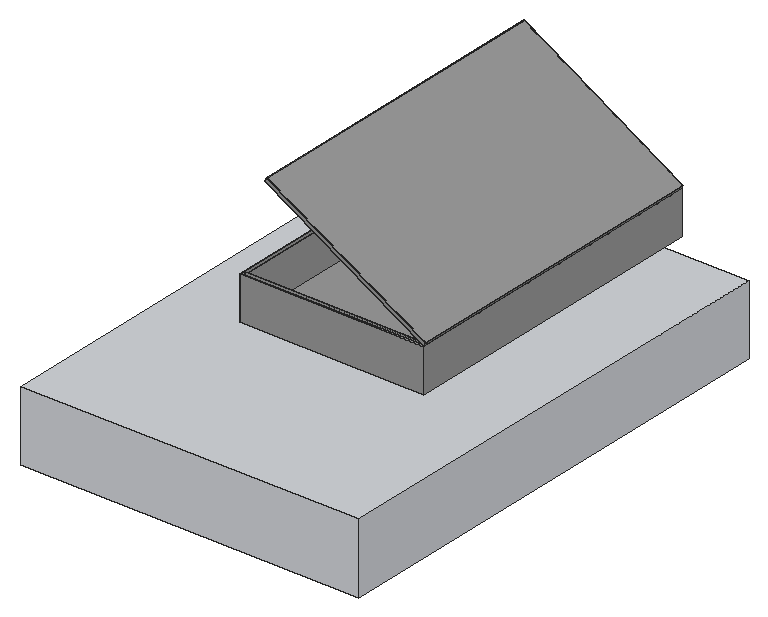
Revit family "Hager-Univers-IP44-D205-H1400-Cl.II-Encl-FR-fr", category Equipement électrique, Revit 2020
Family settings
  Hôte = Face
  Configuration du panneau = Deux colonnes, circuits au sein
  Cote de connecteur circulaire = Utiliser le diamètre
  Type d'élément = Tableau de raccordement
  Couper avec des vides une fois chargée = Non
  Partagée = Non
  Point de calcul de pièce = Non
Parameters (values of type "saillie IP44 L800 H1400 P205  - FP93QS")
  Width Control [instance] = if([EF000008 - largeur] > Min Width, [EF000008 - largeur], Min Width)  # 800 mm
  Commentaires du type = [HG000003 - Gamme]  # "Univers"
  Thickness Door [instance] = if([EF009171 - épaisseur de matériau de la porte/du couvercle] > 3 mm, 3 mm, [EF009171 - épaisseur de matériau de la porte/du couvercle])  # 1 mm
  Seal Frame Offset [instance] = 17 mm  # constant formula
  Plinth Visibility [instance] = [HG000027 - Hauteur du socle] > 0 mm  # no
  Model = ""
  Min Width [instance] = 100 mm  # constant formula
  Min Height [instance] = 100 mm  # constant formula
  Min Depth [instance] = (2 * [EF009170 - épaisseur de matériau du boîtier]) + 1 mm  # 3 mm
  Internal Frame Depth [instance] = (Door System Depth * 0.5)  # 9 mm
  Height Control [instance] = if([EF000040 - hauteur] > Min Height, [EF000040 - hauteur], Min Height)  # 1400 mm
  HG000027 - Hauteur du socle = 0 mm
  HG000026 - Installation au sol = no
  HG000024 - Hauteur de la section basse = 800 mm
  HG000023 - Armoire double section = no
  HG000016 - Visibilité de la porte 3D [instance] = yes
  HG000015 - Visibilité de l'emprise de la porte [instance] = no
  HG000014 - Porte à droite [instance] = yes
  HG000013 - Porte à gauche [instance] = not([HG000014 - Porte à droite])  # no
  HG000012 - Angle de pivotement de la porte [instance] = 30.00°
  HG000010 - Portes asymétriques = no
  HG000009 - Porte à double battant = no
  HG000006 - Encastré = no
  HG000004 - Référence fabricant = "FP93QS"
  HG000003 - Gamme = "Univers"
  HG000002 - avec porte = yes
  Frame Offset Bottom [instance] = 10 mm  # constant formula
  Frame Offset [instance] = 15 mm  # constant formula
  EF015940 - couvercle avec décharge de pression = no
  EF011959 - degré de protection (NEMA) = ""
  EF009554 - nombre d'ouvertures pour plaques à bride = 6
  Fabricant = "Hager"  # constant formula
  EF009212 - finition du couvercle = "EV000116 - fermé"
  EF009171 - épaisseur de matériau de la porte/du couvercle = 1 mm
  EF009170 - épaisseur de matériau du boîtier = 1 mm
  EF008873 - courant nominal (In) = 250 A
  EF007800 - adapté à un parafoudre = no
  EF006306 - avec serrure = no
  EF006244 - couvercle/porte transparent(e) = no
  EF005474 - indice de protection (IP) = "EV006418 - IP44"
  EF004464 - type de porte = "EV002646 - unique"
  EF004427 - nombre de modules = 324
  EF004293 - indice de protection contre les chocs (IK) = "EV006815 - IK09"
  EF003532 - convient pour utilisation à l’extérieur = no
  EF002950 - largeur en nombre de modules = 36
  EF001613 - maintien de fonction = "EV000494 - sans"
  EF001596 - matériau du boîtier/corps = "EV000179 - acier"
  EF001131 - profondeur intérieure = 143 mm
  EF001088 - possibilité de montage en saillie = yes
  EF000437 - nombre d'entrées de conduit = 6
  EF000339 - type de capot = "EV001012 - couvercle"
  EF000266 - nombre de rangées = 9
  EF000218 - profondeur d'encastrement = 0 mm
  EF000118 - avec cadre/support de montage = no
  EF000116 - numéro RAL = "9010"
  EF000049 - profondeur = 205 mm
  EF000040 - hauteur = 1400 mm
  EF000008 - largeur = 800 mm
  EF000007 - couleur = "EV000202 - blanc"
  EF000003 - mode de pose = "EV000384 - saillie"
  Door System Leaf Tolerance [instance] = 1.5 mm  # constant formula
  Door System Depth [instance] = 18 mm  # constant formula
  Door Height [instance] = Height Control - [HG000027 - Hauteur du socle]  # 1400 mm
  Depth Control [instance] = if([EF000049 - profondeur] > Min Depth, [EF000049 - profondeur], Min Depth)  # 205 mm
  Default Elevation = 0 mm
  Connector Offset [instance] = Height Control / 2  # 700 mm
  Bottom Top Plate Trim [instance] = 1.5 mm  # constant formula
  Plinth height Ctrl [instance] = if([HG000027 - Hauteur du socle] > 0 mm, [HG000027 - Hauteur du socle], 12 mm)  # 12 mm
Types (3, lengths in mm): name | Width Control | HG000009 - Porte à double battant | HG000004 - Référence fabricant | EF009554 - nombre d'ouvertures pour plaques à bride | EF004464 - type de porte | EF004427 - nombre de modules | EF002950 - largeur en nombre de modules | EF000437 - nombre d'entrées de conduit | EF000008 - largeur
  saillie IP44 L1050 H1400 P205  - FP94QS | 1050 | yes | "FP94QS" | 8 | "EV003602 - double" | 432 | 48 | 8 | 1050
  saillie IP44 L550 H1400 P205  - FP92QS | 550 | no | "FP92QS" | 4 | "EV002646 - unique" | 216 | 24 | 4 | 550
  saillie IP44 L800 H1400 P205  - FP93QS | 800 | no | "FP93QS" | 6 | "EV002646 - unique" | 324 | 36 | 6 | 800
Reference planes
  plane 1 "Center (Front/Back)": y = 0
  plane 2: z = 0
  plane 3 "Center (Left/Right)": x = 0
  plane 4: z = 205
  plane 5: y = 1
  plane 6: y = 700
  plane 7: y = 0
  plane 8: y = 1400
  plane 9: z = 0
  plane 10: x = -385
  plane 11: x = 385
  plane 12: x = 384
  plane 13: x = -384
  plane 14: y = 1399
  plane 15: x = -383
  plane 16: x = -400
  plane 17: x = 383
  plane 18: x = 400
  plane 19: x = 399
  plane 20: x = -399
  plane 21: y = 11
  plane 22: y = 1400
  plane 23: y = 1384
  plane 24: z = 187
  plane 25: z = 1
  plane 26: z = 186
  plane 27: z = 204
Forms (mm)
  Extrusion 1, solid
    sketch origin (0, 0, 0) x (1, 0, 0) y (0, 1, 0)
      loop
        line (-702.964, 1305) -> (-702.964, -811.445) -> (766.763, -811.445) -> (766.763, 1305) -> (-702.964, 1305)
    from 0 to -304.8
  Extrusion 2, solid, material "Hager_Steel_RAL7035_Light_Grey", visible <- "Plinth Visibility", detail levels medium+fine
    sketch origin (0, 0, 0) x (1, 0, 0) y (0, 1, 0)
      loop
        line (-400, 0) -> (400, 0) -> (400, 12) -> (-400, 12) -> (-400, 0)
    from 0 to 187
  Extrusion 3, solid, material "Hager_Steel_RAL7035_Light_Grey", detail levels medium+fine
    sketch origin (0, 0, 0) x (1, 0, 0) y (0, 1, 0)
      loop
        line (-400, 0) -> (400, 0) -> (400, 1400) -> (-400, 1400) -> (-400, 0)
    from 0 to 187
  Extrusion 4, void
    sketch origin (0, 0, 0) x (1, 0, 0) y (0, 1, 0)
      loop
        line (-399, 1) -> (399, 1) -> (399, 1399) -> (-399, 1399) -> (-399, 1)
    from 1 to 186
  Extrusion 5, void
    sketch origin (-381.607, -4572, 187) x (0, -1, 0) y (-1, 0, 0)
      loop
        line (-4583, 2.393) -> (-5956, 2.393) -> (-5956, -765.607) -> (-4583, -765.607) -> (-4583, 2.393)
    from 0 to 1 <- "EF009170 - épaisseur de matériau du boîtier"
  Extrusion 6, solid, material "Hager_Steel_RAL7035_Light_Grey", detail levels fine
    sketch origin (0, 0, 187) x (1, 0, 0) y (0, 1, 0)
      loop
        line (-384, 1384) -> (-384, 11) -> (384, 11) -> (384, 1384) -> (-384, 1384)
      loop
        line (-385, 10) -> (385, 10) -> (385, 1385) -> (-385, 1385) -> (-385, 10)
    from 0 to 9 <- "Internal Frame Depth"
  Extrusion 7, solid, material "Hager_Steel_RAL7035_Light_Grey", detail levels coarse
    sketch origin (0, 0, 0) x (1, 0, 0) y (0, 1, 0)
      loop
        line (-400, 0) -> (400, 0) -> (400, 1400) -> (-400, 1400) -> (-400, 0)
    from 0 to 205
  Sweep 8, void
    path in 3D
      loop
        line (-400, 12, 0) -> (400, 12, 0) -> (400, 12, 187) -> (-400, 12, 187) -> (-400, 12, 0)
    profile origin (-400, 12, 93.5) x (-1, 0, 0) y (0, -1, 0)
      loop
        line (0, 0) -> (0, 1.5) -> (-1.5, 1.5)
        arc (-1.5, 1.5) -> (-1.061, 0.439) -> (0, 0) r 1.5
Cuts and joins
  Extrusion 4, Extrusion 5 cuts Extrusion 3
  Sweep 8 cuts Extrusion 2
Lines and regions (mm)
  Masking region 1
    outline origin (0, 0, 0) x (1, 0, 0) y (0, 0, 1)
      loop
        line (-400, 205) -> (-400, 0) -> (400, 0) -> (400, 205) -> (-400, 205)
  Masking region 2, detail levels medium+fine
    outline origin (0, 140, 0) x (0, 1, 0) y (0, 0, 1)
      loop
        line (-140, 0) -> (1260, 0) -> (1260, 187) -> (-140, 187) -> (-140, 0)
  Masking region 3, not visible, detail levels medium+fine
    outline origin (0, 297.922, 0) x (0, 1, 0) y (0, 0, 1)
      loop
        line (413.578, 0) -> (453.578, 0) -> (453.578, 194)
        arc (453.578, 194) -> (450.649, 201.071) -> (443.578, 204) r 10
        line (443.578, 204) -> (413.578, 204) -> (413.578, 0)
  Masking region 4, detail levels coarse
    outline origin (0, 0, 180) x (0, 1, 0) y (0, 0, 1)
      loop
        line (0, -180) -> (1400, -180) -> (1400, 25) -> (0, 25) -> (0, -180)
  Masking region 5, visible <- "Plinth Visibility", detail levels medium+fine
    outline origin (0, 52.24, 12.345) x (0, 0, -1) y (0, 1, 0)
      loop
        line (10.845, -40.24) -> (-173.155, -40.24)
        arc (-173.155, -40.24) -> (-173.594, -41.301) -> (-174.655, -41.74) r 1.5
        line (-174.655, -41.74) -> (-174.655, -52.24) -> (12.345, -52.24) -> (12.345, -41.74)
        arc (12.345, -41.74) -> (11.285, -41.301) -> (10.845, -40.24) r 1.5
  Masking region 6, detail levels medium+fine
    outline origin (-381.607, -4572, 187) x (-1, 0, 0) y (0, -1, 0)
      loop
        line (18.393, -5972) -> (18.393, -4572) -> (-781.607, -4572) -> (-781.607, -5972) -> (18.393, -5972)
  Masking region 7, visible <- "Plinth Visibility", detail levels medium+fine
    outline origin (-381.607, -4727, 187) x (-1, 0, 0) y (0, -1, 0)
      loop
        arc (16.893, -4739) -> (17.332, -4737.939) -> (18.393, -4737.5) r 1.5
        line (18.393, -4737.5) -> (18.393, -4727) -> (-781.607, -4727) -> (-781.607, -4737.5)
        arc (-781.607, -4737.5) -> (-780.546, -4737.939) -> (-780.107, -4739) r 1.5
        line (-780.107, -4739) -> (16.893, -4739)
  Masking region 8, detail levels coarse
    outline origin (-442.548, -4669.526, 187) x (-1, 0, 0) y (0, -1, 0)
      loop
        line (-42.548, -6069.526) -> (-42.548, -4669.526) -> (-842.548, -4669.526) -> (-842.548, -6069.526) -> (-42.548, -6069.526)
  sketch lines
    curve 1: line (-400, 12, 187) -> (-400, 12, 0)
    curve 2: line (400, 12, 187) -> (-400, 12, 187)
    curve 3: line (400, 12, 187) -> (400, 12, 0)
    curve 4: line (-400, 12, 0) -> (400, 12, 0)
Dimensions and locks
  "Depth Control": plane 4 to Extrusion 1
  "HG000027 - Hauteur du socle": plane 1 "Center (Front/Back)" to plane 7
  "EF009170 - épaisseur de matériau du boîtier": plane 5 to plane 7
  locked: connector elem to plane 3 "Center (Left/Right)"
  equal spacing: plane 8, plane 6, plane 7
  locked: connector elem to plane 6
  "EF009170 - épaisseur de matériau du boîtier": plane 8 to plane 14
  "EF009170 - épaisseur de matériau du boîtier": plane 10 to plane 13
  "EF009170 - épaisseur de matériau du boîtier": plane 12 to plane 11
  "Frame Offset": plane 20 to plane 13
  "Frame Offset": plane 12 to plane 19
  "EF009170 - épaisseur de matériau du boîtier": plane 16 to plane 20
  "EF009170 - épaisseur de matériau du boîtier": plane 19 to plane 18
  "Seal Frame Offset": plane 16 to plane 15
  "Seal Frame Offset": plane 17 to plane 18
  "Frame Offset Bottom": plane 21 to plane 5
  "Frame Offset": plane 14 to plane 23
  equal spacing: plane 16, plane 3 "Center (Left/Right)", plane 18
  "Width Control": plane 16 to plane 18
  "EF009170 - épaisseur de matériau du boîtier": plane 4 to plane 27
  "EF009170 - épaisseur de matériau du boîtier": plane 24 to plane 26
  "EF009170 - épaisseur de matériau du boîtier": plane 25 to level
  "Door System Depth": plane 4 to plane 24
  "Height Control": plane 1 "Center (Front/Back)" to Extrusion 7 sketch curve
  "Height Control": Masking region 4 sketch curve to plane 1 "Center (Front/Back)"
  "Height Control": plane 1 "Center (Front/Back)" to plane 22
  "Bottom Top Plate Trim": profile plane to Sweep 8 sketch curve
  "Bottom Top Plate Trim": Sweep 8 sketch curve to profile plane
  "Plinth height Ctrl": plane 1 "Center (Front/Back)" to Extrusion 2 sketch curve
  "Plinth height Ctrl": Masking region 5 sketch curve to plane 1 "Center (Front/Back)"
  "Plinth height Ctrl": plane 1 "Center (Front/Back)" to Masking region 7 sketch curve
  "Thickness Door": Extrusion 6 sketch curve to Extrusion 6 sketch curve  (x3)
  "Thickness Door": cut or joined group of Extrusion 3, Extrusion 4, Extrusion 5 to Extrusion 6 sketch curve
  radius of Masking region 3 sketch curve = 10 mm
  "Bottom Top Plate Trim": radius of Masking region 5 sketch curve  (x2)
  "Bottom Top Plate Trim": radius of Sweep 8 sketch curve
  "Bottom Top Plate Trim": radius of Masking region 7 sketch curve  (x2)
  aligned and locked: plane 2 to Extrusion 1
  aligned and locked: level to Extrusion 1
  aligned and locked: level to Masking region 1 sketch curve
  aligned and locked: Masking region 1 sketch curve to plane 18
  aligned and locked: Masking region 1 sketch curve to plane 16
  aligned and locked: plane 7 to Masking region 2 sketch curve
  aligned and locked: level to Masking region 3 sketch curve
  aligned and locked: Masking region 3 sketch curve to plane 27
  aligned and locked: level to Masking region 2 sketch curve
  aligned and locked: plane 1 "Center (Front/Back)" to Extrusion 2 sketch curve
  aligned and locked: Extrusion 3 sketch curve to plane 7
  aligned and locked: plane 16 to Extrusion 3 sketch curve
  aligned and locked: plane 18 to Extrusion 3 sketch curve
  aligned and locked: plane 20 to Extrusion 4 sketch curve
  aligned and locked: plane 19 to Extrusion 4 sketch curve
  aligned and locked: Extrusion 4 sketch curve to plane 5
  aligned and locked: Extrusion 4 to plane 25
  aligned and locked: plane 26 to Extrusion 4
  aligned and locked: plane 24 to Extrusion 3
  aligned and locked: Extrusion 5 sketch curve to plane 21
  aligned and locked: Extrusion 5 sketch curve to plane 13
  aligned and locked: Extrusion 5 sketch curve to plane 12
  aligned and locked: plane 18 to Extrusion 7 sketch curve
  aligned and locked: plane 1 "Center (Front/Back)" to Extrusion 7 sketch curve
  aligned and locked: plane 16 to Extrusion 7 sketch curve
  aligned and locked: plane 4 to Extrusion 7
  aligned and locked: Extrusion 7 to level
  aligned and locked: level to Masking region 4 sketch curve
  aligned and locked: Masking region 4 sketch curve to plane 1 "Center (Front/Back)"
  aligned and locked: Masking region 4 sketch curve to plane 4
  aligned and locked: nested 1 to level
  aligned and locked: nested 1 to plane 16
  aligned and locked: plane 8 to Extrusion 3 sketch curve
  aligned and locked: plane 23 to Extrusion 5 sketch curve
  aligned and locked: plane 14 to Extrusion 4 sketch curve
  aligned and locked: Masking region 2 sketch curve to plane 8
  aligned and locked: level to Masking region 5 sketch curve
  aligned and locked: plane 16 to Extrusion 2 sketch curve
  aligned and locked: plane 18 to Extrusion 2 sketch curve
  aligned and locked: Masking region 5 sketch curve to plane 24
  aligned and locked: Masking region 2 sketch curve to plane 24
  aligned and locked: plane 24 to Extrusion 2
  aligned and locked: profile plane to Sweep 8 sketch curve  (x2)
  aligned and locked: Masking region 6 sketch curve to plane 18
  aligned and locked: Masking region 6 sketch curve to plane 22
  aligned and locked: Masking region 6 sketch curve to plane 16
  aligned and locked: plane 8 to plane 22
  aligned and locked: Masking region 6 sketch curve to plane 7
  aligned and locked: Masking region 7 sketch curve to plane 16
  aligned and locked: Masking region 7 sketch curve to plane 1 "Center (Front/Back)"
  aligned and locked: Masking region 7 sketch curve to plane 18
  aligned and locked: Masking region 8 sketch curve to plane 1 "Center (Front/Back)"
  aligned and locked: Masking region 8 sketch curve to plane 18
  aligned and locked: Masking region 8 sketch curve to plane 22
  aligned and locked: Masking region 8 sketch curve to plane 16
  aligned and locked: nested 2 to plane 7
  aligned and locked: plane 3 "Center (Left/Right)" to nested 2
  aligned and locked: nested 2 to plane 24
  aligned and locked: Extrusion 6 sketch curve to cut or joined group of Extrusion 3, Extrusion 4, Extrusion 5  (x4)
Automatic sketch dimensions
  Extrusion 1 sketch curve to Extrusion 1 sketch curve = 1469.727 mm
  Extrusion 1 sketch curve to Extrusion 1 sketch curve = 2116.445 mm
  Masking region 1 sketch curve to plane 4 = 0 mm
  plane 6 to Masking region 3 sketch curve = 11.5 mm
  Masking region 3 sketch curve to Masking region 3 sketch curve = 30 mm
  Masking region 5 sketch curve to plane 1 "Center (Front/Back)" = 0 mm
Nested families
  nested 1: "Hager_Enclosure_Symbol" at (-400, 0, 0) x (1, 0, 0) z (0, -1, 0), Height <- "Depth Control", Width <- "Width Control", type "Hager_Enclosure_Symbol"
    with Width_Ctrl 800 mm, Width 800 mm, Height_Ctrl 205 mm, Height 205 mm, A_Width_Int 13.453 mm, A_Width 161.438 mm, A_Height_Ctrl 179.375 mm, A_Height 179.375 mm
  nested 2: "EC000058_Univers_Door" at (0, 0, 187) x (1, 0, 0) z (0, 1, 0), Leaf_Tolerance <- "Door System Leaf Tolerance", Angle <- "HG000012 - Angle de pivotement de la porte", Door_Depth <- "Door System Depth", Door_Left <- "HG000013 - Porte à gauche", Transparent <- "EF006244 - couvercle/porte transparent(e)", Assymetrical <- "HG000010 - Portes asymétriques", Width <- "Width Control", Clearance <- "HG000015 - Visibilité de l'emprise de la porte", Double <- "HG000009 - Porte à double battant", 3d_Door <- "HG000016 - Visibilité de la porte 3D", Lock_Visibility <- "EF006306 - avec serrure", Width_Ctrl <- "Width Control", Door_Right <- "HG000014 - Porte à droite", Door <- "HG000002 - avec porte", Height <- "Door Height", Thickness <- "Thickness Door", type "EC000058_Univers_Door", detail levels medium+fine
    with min_wh 3 mm, Width_Ctrl 800 mm, Width 800 mm, Transparent no, Thickness 1 mm, Seal_Material Hager_Rubber, Lock_Visibility no, Lock_Material Hager_Plastic_RAL9005_Jet_Black, Leaf_Width 800 mm, Leaf_Tolerance_External_Sides 0 mm, Leaf_Tolerance 1.5 mm, Leaf_Offset 0 mm, Leaf_Height 1397 mm, Leaf_2_Width 800 mm, Leaf_2_Offset 400 mm, Leaf_1_Width 800 mm, Leaf_1_Offset 400 mm, Height_Ctrl 1400 mm, Height 1400 mm, Glass_Material Hager_Glass, Double_Clearance_Ctrl no, Double no, Door_Right_Ctrl yes, Door_Right yes, Door_Material Hager_Steel_RAL7035_Light_Grey, Door_Left_Ctrl no, Door_Left no, Door_Depth 18 mm, Door yes, Clearance_Material Hager_Clearance, Clearance_Depth 800 mm, Clearance_Ctrl no, Clearance no, Assymetrical no, Angle 30.00°, 3d_Door yes
Connectors
  electrical at (0, 700, 0)
    settings: on plane 9, index 1, voltage 0 V, apparent load 0 VA, apparent load phase1 0 VA, apparent load phase2 0 VA, apparent load phase3 0 VA, power factor 1, load classification "Other", number of poles 1, system type 30, power factor state 1, is connector primary yes, connector utility no, sub classification motor no, connector description ""
Definition of nested family "EC000058_Univers_Door"
  Parameters (values of type "EC000058_Univers_Door")
    min_wh [instance] = (2 * Thickness) + 1 mm  # 11 mm
    Width_Ctrl [instance] = 400 mm
    Width [instance] = 500 mm
    Transparent [instance] = yes
    Thickness [instance] = 5 mm
    Seal_Material [instance] = none
    Lock_Visibility [instance] = yes
    Lock_Material [instance] = none
    Leaf_Width [instance] = if((Width_Ctrl - 2 * Leaf_Tolerance_External_Sides) > 0 mm, (Width_Ctrl - 2 * Leaf_Tolerance_External_Sides), min_wh)  # 400 mm
    Leaf_Tolerance_External_Sides [instance] = 0 mm  # constant formula
    Leaf_Tolerance [instance] = 1.5 mm
    Leaf_Offset [instance] = 0 mm  # constant formula
    Leaf_Height [instance] = if((Height_Ctrl - 2 * Leaf_Tolerance) > 0 mm, (Height_Ctrl - 2 * Leaf_Tolerance), min_wh)  # 497 mm
    Leaf_2_Width [instance] = if(and(and(Double, Assymetrical), Door_Left), (Leaf_Width / 3) - (Leaf_Tolerance / 2), if(and(and(Double, Assymetrical), Door_Right), (Leaf_Width / 3) * 2 - (Leaf_Tolerance / 2), if(and(Double, not(Assymetrical)), (Leaf_Width / 2) - Leaf_Tolerance, Leaf_Width)))  # 400 mm
    Leaf_2_Offset [instance] = if(and(Double, Assymetrical), Leaf_2_Width / 2, if(and(Double, not(Assymetrical)), Leaf_Width / 4, Leaf_Width / 2))  # 200 mm
    Leaf_1_Width [instance] = if(and(and(Double, Assymetrical), Door_Right), (Leaf_Width / 3) - (Leaf_Tolerance / 2), if(and(and(Double, Assymetrical), Door_Left), (Width / 3) * 2 - (Leaf_Tolerance / 2), if(and(Double, not(Assymetrical)), (Leaf_Width / 2) - Leaf_Tolerance, Leaf_Width)))  # 400 mm
    Leaf_1_Offset [instance] = if(and(Double, Assymetrical), Leaf_1_Width / 2, if(and(Double, not(Assymetrical)), Leaf_Width / 4, Leaf_Width / 2))  # 200 mm
    Height_Ctrl [instance] = if(Height > min_wh, Height, min_wh)  # 500 mm
    Height [instance] = 500 mm
    Glass_Material [instance] = none
    Double_Clearance_Ctrl [instance] = and(Double, Clearance)  # no
    Double [instance] = no
    Door_Right_Ctrl [instance] = and(or(Door_Right, Double), Door)  # yes
    Door_Right [instance] = yes
    Door_Material [instance] = none
    Door_Left_Ctrl [instance] = and(or(Door_Left, Double), Door)  # no
    Door_Left [instance] = no
    Door_Depth [instance] = 30 mm
    Door [instance] = yes
    Default Elevation = 1219.2 mm
    Clearance_Material [instance] = none
    Clearance_Depth [instance] = if(Leaf_1_Width > Leaf_2_Width, Leaf_1_Width, Leaf_2_Width)  # 400 mm
    Clearance_Ctrl [instance] = and(not(Double), Clearance)  # yes
    Clearance [instance] = yes
    Assymetrical [instance] = yes
    Angle [instance] = 30.00°
    3d_Door [instance] = yes
  Reference planes
    plane 1 "Center (Front/Back)": y = 0
    plane 2 "Bottom": z = 0
    plane 3 "Center (Left/Right)": x = 0
    plane 4: z = 500
    plane 5: x = -200
    plane 6: x = 200
    plane 7: z = 500
    plane 8: x = -200
    plane 9: z = 0
    plane 10: x = 200
    plane 11: y = 0
    plane 12: z = 1.5
    plane 13: x = -600
    plane 14: y = -400
    plane 15: x = 600
    plane 16: x = 0
    plane 17: x = 0
    plane 18: x = -200
    plane 19: x = 200
    plane 20: z = 498.5
  Forms (mm)
    Extrusion 1, solid, material <- "Clearance_Material", visible <- "Double_Clearance_Ctrl"
      sketch origin (1200, 0, 0) x (1, 0, 0) y (0, 0, -1)
        loop
          line (-1800, -498.5) -> (-600, -498.5) -> (-600, 0) -> (-1800, 0) -> (-1800, -498.5)
      from 0 to -400
  Dimensions and locks
    equal spacing: plane 5, plane 3 "Center (Left/Right)", plane 6
    "Width_Ctrl": plane 5 to plane 6
    "Leaf_Offset": plane 5 to plane 8
    "Leaf_Offset": plane 6 to plane 10
    "Leaf_Offset": plane 9 to level
    "Leaf_Offset": plane 4 to plane 7
    "Height_Ctrl": plane 4 to level
    "Leaf_Tolerance": plane 12 to plane 9
    locked: plane 11 to plane 1 "Center (Front/Back)"
    "Leaf_1_Offset": plane 18 to plane 16
    "Leaf_2_Offset": plane 17 to plane 19
    "Leaf_1_Width": plane 13 to plane 8
    "Leaf_2_Width": plane 10 to plane 15
    "Clearance_Depth": plane 14 to plane 1 "Center (Front/Back)"
    "Leaf_Tolerance_External_Sides": plane 8 to plane 18
    "Leaf_Tolerance_External_Sides": plane 19 to plane 10
    "Leaf_Tolerance": plane 7 to plane 20
    aligned and locked: level to plane 2 "Bottom"
    aligned and locked: nested 1 to plane 16
    aligned and locked: nested 2 to plane 17
    aligned and locked: Extrusion 1 to plane 13
    aligned and locked: plane 15 to Extrusion 1
    aligned and locked: Extrusion 1 to plane 14
    aligned and locked: plane 12 to nested 1
    aligned and locked: nested 2 to plane 12
    aligned and locked: Extrusion 1 to plane 11
    aligned and locked: plane 20 to Extrusion 1
    aligned and locked: nested 2 to plane 11
    aligned and locked: nested 1 to plane 11
  Automatic sketch dimensions
    Extrusion 1 sketch curve to level = 0 mm
    plane 5 to Extrusion 1 sketch curve = 400 mm
    plane 6 to Extrusion 1 sketch curve = 400 mm
    Extrusion 1 sketch curve to plane 4 = 1.5 mm
  Nested families
    nested 1: "EC000058_Univers_Door_Leaf" at (0, 0, 1.5), Width <- "Leaf_1_Width", visible <- "Door_Left_Ctrl", Leaf_Height <- "Leaf_Height", Angle <- "Angle", 3d_Door <- "3d_Door", Transparent <- "Transparent", Clearance Material <- "Clearance_Material", Clearance <- "Clearance_Ctrl", Door_Material <- "Door_Material", Glass_Material <- "Glass_Material", Door_Depth <- "Door_Depth", Lock_Material <- "Lock_Material", Seal_Material <- "Seal_Material", Lock_Visibility <- "Lock_Visibility", Thickness <- "Thickness", type "EC000058_Univers_Door_Leaf"
      with Width 400 mm, Transparent_Glass_Offset 30 mm, Transparent_Ctrl yes, Transparent yes, Thickness 5 mm, Standard no, Seal_Material none, Seal_D2 8 mm, Seal_D1 1 mm, Offset_Internal_Frame 10 mm, Lock_Width 20 mm, Lock_Visibility_3d yes, Lock_Visibility yes, Lock_Thickness_3 3 mm, Lock_Thickness_2 1 mm, Lock_Thickness_1 3 mm, Lock_Radius_Offset_2 16 mm, Lock_Radius_Offset_1 15 mm, Lock_Radius_2 5 mm, Lock_Radius 6 mm, Lock_Offset 5 mm, Lock_Material none, Lock_Height 80 mm, Lock_Cover_Top_Offset_2d 17 mm, Lock_Cover_Height -65 mm, Leaf_Height 497 mm, Internal_Seal_Thickness 8 mm, Internal_Seal_Depth_2 4.5 mm, Internal_Frame_Depth 25 mm, Glass_Thickness -1 mm, Glass_Offset -2 mm, Glass_Material none, Door_Material none, Door_Depth 30 mm, Clearance Material none, Clearance yes, Angle_Ctrl 30.00°, Angle 30.00°, 3d_Door yes
    nested 2: "EC000058_Univers_Door_Leaf" at (0, 0, 1.5) x (-1, 0, 0) z (0, 0, 1), Width <- "Leaf_2_Width", visible <- "Door_Right_Ctrl", Leaf_Height <- "Leaf_Height", Angle <- "Angle", 3d_Door <- "3d_Door", Transparent <- "Transparent", Clearance Material <- "Clearance_Material", Clearance <- "Clearance_Ctrl", Door_Material <- "Door_Material", Glass_Material <- "Glass_Material", Door_Depth <- "Door_Depth", Lock_Material <- "Lock_Material", Seal_Material <- "Seal_Material", Lock_Visibility <- "Lock_Visibility", Thickness <- "Thickness", type "EC000058_Univers_Door_Leaf"
      with Width 400 mm, Transparent_Glass_Offset 30 mm, Transparent_Ctrl yes, Transparent yes, Thickness 5 mm, Standard no, Seal_Material none, Seal_D2 8 mm, Seal_D1 1 mm, Offset_Internal_Frame 10 mm, Lock_Width 20 mm, Lock_Visibility_3d yes, Lock_Visibility yes, Lock_Thickness_3 3 mm, Lock_Thickness_2 1 mm, Lock_Thickness_1 3 mm, Lock_Radius_Offset_2 16 mm, Lock_Radius_Offset_1 15 mm, Lock_Radius_2 5 mm, Lock_Radius 6 mm, Lock_Offset 5 mm, Lock_Material none, Lock_Height 80 mm, Lock_Cover_Top_Offset_2d 17 mm, Lock_Cover_Height -65 mm, Leaf_Height 497 mm, Internal_Seal_Thickness 8 mm, Internal_Seal_Depth_2 4.5 mm, Internal_Frame_Depth 25 mm, Glass_Thickness -1 mm, Glass_Offset -2 mm, Glass_Material none, Door_Material none, Door_Depth 30 mm, Clearance Material none, Clearance yes, Angle_Ctrl 30.00°, Angle 30.00°, 3d_Door yes
  Definition of nested family "EC000058_Univers_Door_Leaf"
    Parameters (values of type "EC000058_Univers_Door_Leaf")
      Width [instance] = 2000 mm
      Transparent_Glass_Offset [instance] = 30 mm
      Transparent_Ctrl [instance] = and(Transparent, [3d_Door])  # yes
      Transparent [instance] = yes
      Thickness [instance] = 5 mm
      Standard [instance] = and(not(Transparent), [3d_Door])  # no
      Seal_Material [instance] = none
      Seal_D2 [instance] = 8 mm  # constant formula
      Seal_D1 [instance] = 1 mm  # constant formula
      Offset_Internal_Frame [instance] = 10 mm  # constant formula
      Lock_Width [instance] = 20 mm  # constant formula
      Lock_Visibility_3d [instance] = and(Lock_Visibility, [3d_Door])  # yes
      Lock_Visibility [instance] = yes
      Lock_Thickness_3 [instance] = 3 mm  # constant formula
      Lock_Thickness_2 [instance] = 1 mm  # constant formula
      Lock_Thickness_1 [instance] = 3 mm  # constant formula
      Lock_Radius_Offset_2 [instance] = Lock_Radius_Offset_1 + 1 mm  # 16 mm
      Lock_Radius_Offset_1 [instance] = 15 mm  # constant formula
      Lock_Radius_2 [instance] = Lock_Radius - 1 mm  # 5 mm
      Lock_Radius [instance] = 6 mm  # constant formula
      Lock_Offset [instance] = 5 mm  # constant formula
      Lock_Material [instance] = none
      Lock_Height [instance] = 80 mm  # constant formula
      Lock_Cover_Top_Offset_2d [instance] = Lock_Radius_Offset_2 + 1 mm  # 17 mm
      Lock_Cover_Height [instance] = -(Lock_Height - Lock_Radius_Offset_1)  # -65 mm
      Leaf_Height [instance] = 2720.336 mm
      Internal_Seal_Thickness [instance] = 8 mm  # constant formula
      Internal_Seal_Depth_2 [instance] = 4.5 mm  # constant formula
      Internal_Frame_Depth [instance] = if(Door_Depth - Thickness > 5 mm, Door_Depth - Thickness, 5 mm)  # 25 mm
      Glass_Thickness [instance] = if(Thickness > 15 mm, Glass_Offset + 10 mm, -1 mm)  # -1 mm
      Glass_Offset [instance] = if(Thickness > 15 mm, -(Thickness + 10 mm) / 2, -2 mm)  # -2 mm
      Glass_Material [instance] = none
      Door_Material [instance] = none
      Door_Depth [instance] = 30 mm
      Default Elevation = 0 mm
      Clearance Material [instance] = none
      Clearance [instance] = yes
      Angle_Ctrl [instance] = if(Angle > 180.00°, 180.00°, Angle)  # 90.00°
      Angle [instance] = 90.00°
      3d_Door [instance] = yes
    Reference planes
      plane 1 "Center (Front/Back)": y = 0
      plane 2: z = 0
      plane 3 "Center (Left/Right)": x = 0
      plane 4: y = 2000
      plane 5: x = -1000
      plane 6: x = 1000
      plane 7: x = -3000
      plane 8: z = 2720.336
      plane 9: z = 30
      plane 10: z = 2690.336
      plane 11: x = 970
      plane 12: x = -970
      plane 13: y = -3
      plane 14: z = 107.833
      plane 15: y = -5
      plane 16: y = -223.314
      plane 17: x = -1000
      plane 18: z = 1360.168
      plane 19: y = 30
    Forms (mm)
      Extrusion 1, solid, material <- "Clearance Material", visible <- "Clearance"
        sketch origin (0, 0, 0) x (1, 0, 0) y (0, 0, 1)
          loop
            line (-3000, 2720.336) -> (-3000, 0) -> (1000, 0) -> (1000, 2720.336) -> (-3000, 2720.336)
        from 0 to -2000
      Extrusion 2, solid, material <- "Door_Material", visible <- "Standard", detail levels medium+fine
        sketch origin (-1000, 0, 0) x (0, 1, 0) y (-1, 0, 0)
          loop
            line (0, 30) -> (0, 25) -> (2000, 25) -> (2000, 30) -> (0, 30)
        from 0 to 2720.336 <- "Leaf_Height"
      Extrusion 3, solid, material <- "Door_Material", visible <- "Transparent_Ctrl", detail levels medium+fine
        sketch origin (-1000, 0, 0) x (0, 1, 0) y (-1, 0, 0)
          loop
            line (0, 25) -> (2000, 25) -> (2000, 30) -> (0, 30) -> (0, 25)
        from 0 to 2720.336 <- "Leaf_Height"
      Extrusion 4, void
        sketch origin (-1025, 2000, 0) x (0, 1, 0) y (0, 0, -1)
          loop
            line (-30, -2690.336) -> (-30, -30) -> (-1970, -30) -> (-1970, -2690.336) -> (-30, -2690.336)
        from 0 to 5 <- "Thickness"
      Sweep 5, solid, material <- "Seal_Material", visible <- "Transparent_Ctrl", detail levels fine
        path in 3D
          loop
            line (-1025, 30, 30) -> (-1025, 30, 2690.336) -> (-1025, 1970, 2690.336) -> (-1025, 1970, 30) -> (-1025, 30, 30)
        profile origin (-1025, 1000, 30) x (1, 0, 0) y (0, 0, 1)
          loop
            line (0, 0) -> (0, -8) -> (1, -8) -> (1, 0) -> (0, 0)
      Extrusion 6, solid, material <- "Glass_Material", visible <- "Transparent_Ctrl", detail levels medium+fine
        sketch origin (-1030, 0, 0) x (0, 1, 0) y (0, 0, -1)
          loop
            line (1970, -2690.336) -> (1970, -30) -> (30, -30) -> (30, -2690.336) -> (1970, -2690.336)
        from -2 <- "Glass_Offset" to -1 <- "Glass_Thickness"
      Extrusion 7, solid, material <- "Door_Material", visible <- "3d_Door", detail levels medium+fine
        sketch origin (-1025, 2000, 0) x (0, -1, 0) y (0, 0, -1)
          loop
            line (0, -2720.336) -> (2000, -2720.336) -> (2000, 0) -> (0, 0) -> (0, -2720.336)
          loop
            line (1995, -5) -> (5, -5) -> (5, -2715.336) -> (1995, -2715.336) -> (1995, -5)
        from 0 to 25 <- "Internal_Frame_Depth"
      Sweep 8, solid, material <- "Seal_Material", visible <- "Transparent_Ctrl", detail levels fine
        path in 3D
          loop
            line (-1025, 0, 0) -> (-1025, 2000, 0) -> (-1025, 2000, 2720.336) -> (-1025, 0, 2720.336) -> (-1025, 0, 0)
        profile origin (-1025, 0, 1360.168) x (1, 0, 0) y (0, 1, 0)
          loop
            line (0, 10) -> (2.975, 10)
            arc (2.975, 10) -> (4.053, 10.447) -> (4.5, 11.525) r 1.525
            line (4.5, 11.525) -> (4.5, 16.527)
            arc (4.5, 16.527) -> (4.069, 17.569) -> (3.027, 18) r 1.473
            line (3.027, 18) -> (0, 18) -> (0, 10)
      Extrusion 9, solid, material <- "Lock_Material", visible <- "Lock_Visibility_3d", detail levels fine
        sketch origin (-1030, 0, 0) x (0, 1, 0) y (0, 0, -1)
          loop
            arc (1993.5, -1400.168) -> (1994.561, -1399.729) -> (1995, -1398.668) r 1.5
            line (1995, -1398.668) -> (1995, -1320.168) -> (1975, -1320.168) -> (1975, -1398.668)
            arc (1975, -1398.668) -> (1975.439, -1399.729) -> (1976.5, -1400.168) r 1.5
            line (1976.5, -1400.168) -> (1993.5, -1400.168)
        from 3 <- "Lock_Thickness_1" to 0
      Blend 10, solid, material <- "Lock_Material", visible <- "Lock_Visibility_3d", detail levels fine
        base sketch origin (-1033, 0, 0) x (0, 1, 0) y (0, 0, -1)
          loop
            line (1975, -1320.168) -> (1975, -1398.668)
            arc (1975, -1398.668) -> (1975.439, -1399.729) -> (1976.5, -1400.168) r 1.5
            line (1976.5, -1400.168) -> (1993.5, -1400.168)
            arc (1993.5, -1400.168) -> (1994.561, -1399.729) -> (1995, -1398.668) r 1.5
            line (1995, -1398.668) -> (1995, -1320.168) -> (1975, -1320.168)
        top sketch origin (-1033, 0, 0) x (0, 1, 0) y (0, 0, -1)
          loop
            line (1976, -1320.168) -> (1976, -1398.668)
            arc (1976, -1398.668) -> (1976.146, -1399.022) -> (1976.5, -1399.168) r 0.5
            line (1976.5, -1399.168) -> (1993.5, -1399.168)
            arc (1993.5, -1399.168) -> (1993.854, -1399.022) -> (1994, -1398.668) r 0.5
            line (1994, -1398.668) -> (1994, -1320.168) -> (1976, -1320.168)
        from 0 to 1 <- "Lock_Thickness_2"
      Blend 11, solid, material <- "Lock_Material", visible <- "Lock_Visibility_3d", detail levels fine
        base sketch origin (-1034, 0, 0) x (0, 1, 0) y (0, 0, -1)
          loop
            line (1978, -1320.168) -> (1978, -1384.168)
            arc (1978, -1384.168) -> (1985, -1391.168) -> (1992, -1384.168) r 7
            line (1992, -1384.168) -> (1992, -1320.168) -> (1978, -1320.168)
        top sketch origin (-1034, 0, 0) x (0, 1, 0) y (0, 0, -1)
          loop
            line (1991, -1320.168) -> (1979, -1320.168) -> (1979, -1383.168)
            arc (1979, -1383.168) -> (1985, -1389.168) -> (1991, -1383.168) r 6
            line (1991, -1383.168) -> (1991, -1320.168)
        from 0 to 3 <- "Lock_Thickness_3"
      Extrusion 12, solid, material <- "Lock_Material", visible <- "Lock_Visibility_3d", detail levels fine
        sketch origin (-1030, 1975, 1320.168) x (1, 0, 0) y (0, -1, 0)
          loop
            line (-7, -19) -> (-7, -1) -> (0, -1) -> (0, 0) -> (-8, 0) -> (-8, -20) -> (0, -20) -> (0, -19) -> (-7, -19)
        from 0 to -65 <- "Lock_Cover_Height"
      Extrusion 13, void
        sketch origin (-1038, 1995, 1320.168) x (-1, 0, 0) y (0, 0, -1)
          loop
            line (-5, -65) -> (0, -65) -> (-5, -60) -> (-5, -65)
        from 0 to 20 <- "Lock_Width"
      Extrusion 14, void
        sketch origin (-1038, 1975, 1320.168) x (0, -1, 0) y (0, 0, -1)
          loop
            circle (-10, -15.995) r 6
          loop
            circle (-10, -15.995) r 5
        from 0 to 2
      Extrusion 15, solid, material <- "Lock_Material", visible <- "Lock_Visibility_3d", detail levels medium
        sketch origin (-1030, 0, 0) x (0, 1, 0) y (0, 0, -1)
          loop
            arc (1993.5, -1400.168) -> (1994.561, -1399.729) -> (1995, -1398.668) r 1.5
            line (1995, -1398.668) -> (1995, -1320.168) -> (1975, -1320.168) -> (1975, -1398.668)
            arc (1975, -1398.668) -> (1975.439, -1399.729) -> (1976.5, -1400.168) r 1.5
            line (1976.5, -1400.168) -> (1993.5, -1400.168)
        from 8 to 0
    Cuts and joins
      Extrusion 4 cuts Extrusion 3
      Extrusion 13, Extrusion 14 cuts Extrusion 9
      Extrusion 14 cuts Blend 11
      Extrusion 13, Extrusion 14 cuts Extrusion 12
      joined: Extrusion 9, Blend 10, Blend 11, Extrusion 12
      Extrusion 14 cuts Extrusion 15
    Lines and regions (mm)
      Masking region 1, visible <- "Lock_Visibility", detail levels fine
        outline origin (0, 0, 0) x (0, 1, 0) y (0, 0, 1)
          loop
            line (30, 1320.168) -> (33, 1320.168) -> (33, 1400.168) -> (30, 1400.168) -> (30, 1320.168)
      Masking region 2, visible <- "Lock_Visibility", detail levels fine
        outline origin (0, 3.143, 0) x (0, 1, 0) y (0, 0, 1)
          loop
            line (29.857, 1354.168) -> (30.857, 1354.168) -> (30.857, 1366.168) -> (29.857, 1366.168) -> (29.857, 1354.168)
      Masking region 3, detail levels medium+fine
        outline origin (0, 0, 0) x (0, 1, 0) y (0, 0, 1)
          loop
            line (0, 0) -> (30, 0) -> (30, 2720.336) -> (0, 2720.336) -> (0, 0)
      Masking region 4, detail levels medium+fine
        outline origin (0, 0, 0) x (1, 0, 0) y (0, 0, 1)
          loop
            line (-1000, 2720.336) -> (-1000, 0) -> (1000, 0) -> (1000, 2720.336) -> (-1000, 2720.336)
      Masking region 5, visible <- "Lock_Visibility", detail levels fine
        outline origin (-47.116, 0, 0) x (1, 0, 0) y (0, 0, 1)
          loop
            arc (1024.616, 1399.168) -> (1023.556, 1398.729) -> (1023.116, 1397.668) r 1.5
            line (1023.116, 1397.668) -> (1023.116, 1320.168) -> (1041.116, 1320.168) -> (1041.116, 1397.668)
            arc (1041.116, 1397.668) -> (1040.677, 1398.729) -> (1039.616, 1399.168) r 1.5
            line (1039.616, 1399.168) -> (1024.616, 1399.168)
      Masking region 6, visible <- "Lock_Visibility", detail levels medium+fine
        outline origin (-25, 0, 0) x (1, 0, 0) y (0, 0, 1)
          loop
            arc (1001.5, 1400.168) -> (1000.439, 1399.729) -> (1000, 1398.668) r 1.5
            line (1000, 1398.668) -> (1000, 1320.168) -> (1020, 1320.168) -> (1020, 1398.668)
            arc (1020, 1398.668) -> (1019.561, 1399.729) -> (1018.5, 1400.168) r 1.5
            line (1018.5, 1400.168) -> (1001.5, 1400.168)
      Masking region 7, visible <- "Lock_Visibility", detail levels fine
        outline origin (-73.735, 0, 0) x (1, 0, 0) y (0, 0, 1)
          loop
            line (1051.735, 1382.168) -> (1065.735, 1382.168) -> (1065.735, 1384.168)
            arc (1065.735, 1384.168) -> (1058.735, 1391.168) -> (1051.735, 1384.168) r 7
            line (1051.735, 1384.168) -> (1051.735, 1382.168)
      Masking region 8, visible <- "Lock_Visibility", detail levels fine
        outline origin (-73.735, 0, 0) x (1, 0, 0) y (0, 0, 1)
          loop
            line (1052.735, 1382.168) -> (1064.735, 1382.168) -> (1064.735, 1383.168)
            arc (1064.735, 1383.168) -> (1058.735, 1389.168) -> (1052.735, 1383.168) r 6
            line (1052.735, 1383.168) -> (1052.735, 1382.168)
      Masking region 9, visible <- "Lock_Visibility", detail levels fine
        outline origin (-25, 0, 0) x (1, 0, 0) y (0, 0, 1)
          loop
            line (1020, 1320.168) -> (1020, 1382.168) -> (1000, 1382.168) -> (1000, 1320.168) -> (1020, 1320.168)
      Masking region 10, detail levels medium+fine
        outline origin (0, 0, 0) x (1, 0, 0) y (0, 0, 1)
          loop
            circle (985, 1335.144) r 6
      Masking region 11, detail levels fine
        outline origin (0, 0, 0) x (1, 0, 0) y (0, 0, 1)
          loop
            circle (985, 1335.144) r 5
      Masking region 12, visible <- "Lock_Visibility", detail levels fine
        outline origin (0, 12.767, 0) x (0, 1, 0) y (0, 0, 1)
          loop
            line (20.233, 1320.168) -> (21.233, 1320.168) -> (21.233, 1399.168) -> (20.233, 1400.168) -> (20.233, 1320.168)
      Masking region 13, visible <- "Lock_Visibility", detail levels fine
        outline origin (0, 13.767, -10) x (0, 1, 0) y (0, 0, 1)
          loop
            line (20.233, 1330.168) -> (23.233, 1330.168) -> (23.233, 1399.168) -> (20.233, 1402.168) -> (20.233, 1330.168)
      Masking region 14, visible <- "Lock_Visibility", detail levels fine
        outline origin (0, 12.767, -10) x (0, 1, 0) y (0, 0, 1)
          loop
            line (20.233, 1330.168) -> (25.233, 1330.168) -> (25.233, 1399.305) -> (20.233, 1394.305) -> (20.233, 1330.168)
      Masking region 15, visible <- "Lock_Visibility", detail levels medium
        outline origin (0, 0, 0) x (0, 1, 0) y (0, 0, 1)
          loop
            line (30, 1320.168) -> (38, 1320.168) -> (38, 1400.168) -> (30, 1400.168) -> (30, 1320.168)
      Masking region 16, visible <- "Lock_Visibility", detail levels fine
        outline origin (-1000, 0, 0) x (0, 1, 0) y (-1, 0, 0)
          loop
            line (1975, 30) -> (1995, 30) -> (1995, 38) -> (1975, 38) -> (1975, 30)
          loop
            line (1979, 37) -> (1976, 37) -> (1976, 34) -> (1978, 34) -> (1979, 37)
          loop
            line (1994, 37) -> (1991, 37) -> (1992, 34) -> (1994, 34) -> (1994, 37)
      Masking region 17, visible <- "Lock_Visibility", detail levels medium
        outline origin (-1000, 0, 0) x (0, 1, 0) y (-1, 0, 0)
          loop
            line (1975, 30) -> (1995, 30) -> (1995, 38) -> (1975, 38) -> (1975, 30)
      symbolic lines
        curve 1: line (1000, 0, 0) -> (-3000, 0, 0)
        curve 2: arc (1000, 0, 0) -> (-1000, 2000, 0) -> (-3000, 0, 0) r 2000
        curve 4: line (-1030, 0, 0) -> (-1030, 2000, 0)
      reference lines
        curve 3: line (-1000, 0, 0) -> (-1000, 2000, 0)
      symbolic lines, detail levels medium+fine
        curve 5: line (-1030, 2000, 0) -> (-1025, 2000, 0)
        curve 7: line (-1025, 0, 0) -> (-1030, 0, 0)
        curve 8: line (-1025, 0, 0) -> (-1000, 0, 0)
        curve 9: line (-1000, 0, 0) -> (-1000, 2000, 0)
        curve 10: line (-1000, 2000, 0) -> (-1025, 2000, 0)
      symbolic lines, detail levels fine
        curve 6: line (-1025, 2000, 0) -> (-1025, 0, 0)
      sketch lines
        curve 11: line (-1025, 0, 2720.336) -> (-1025, 0, 0)
        curve 12: line (-1025, 2000, 0) -> (-1025, 0, 0)
        curve 13: line (-1025, 2000, 2720.336) -> (-1025, 2000, 0)
        curve 14: line (-1025, 0, 2720.336) -> (-1025, 2000, 2720.336)
        curve 15: line (-1025, 1970, 30) -> (-1025, 30, 30)
        curve 16: line (-1025, 30, 30) -> (-1025, 30, 2690.336)
        curve 17: line (-1025, 1970, 2690.336) -> (-1025, 1970, 30)
        curve 18: line (-1025, 30, 2690.336) -> (-1025, 1970, 2690.336)
      symbolic lines, visible <- "Transparent", detail levels medium+fine
        curve 19: line (-970, 0, 2690.336) -> (970, 0, 2690.336)
        curve 20: line (-970, 0, 30) -> (-970, 0, 2690.336)
        curve 21: line (970, 0, 30) -> (-970, 0, 30)
        curve 22: line (970, 0, 2690.336) -> (970, 0, 30)
    Dimensions and locks
      "Width": plane 1 "Center (Front/Back)" to plane 4
      equal spacing: plane 5, plane 3 "Center (Left/Right)", plane 6
      "Width": plane 5 to plane 6
      "Width": plane 7 to plane 5
      "Leaf_Height": plane 8 to level
      "Width": curve 5 to curve 3
      "Width": curve 3 to curve 3
      plane 8 to plane 10 = 30 mm
      plane 9 to level = 30 mm
      plane 12 to plane 5 = 30 mm
      plane 6 to plane 11 = 30 mm
      Extrusion 1 to Extrusion 4 sketch curve = 30 mm
      "Transparent_Glass_Offset": curve 3 to Extrusion 4 sketch curve
      "Transparent_Glass_Offset": Extrusion 4 sketch curve to cut or joined group of Extrusion 3, Extrusion 4  (x2)
      cut or joined group of Extrusion 3, Extrusion 4 to Extrusion 6 sketch curve = 30 mm
      "Transparent_Glass_Offset": cut or joined group of Extrusion 3, Extrusion 4 to Extrusion 4 sketch curve
      "Thickness": curve 6 to curve 4
      "Thickness": Extrusion 7 sketch curve to Extrusion 7 sketch curve  (x4)
      "Door_Depth": curve 4 to curve 3
      "Offset_Internal_Frame": profile plane to Sweep 8 sketch curve
      "Internal_Seal_Thickness": Sweep 8 sketch curve to Sweep 8 sketch curve
      "Internal_Seal_Depth_2": profile plane to Sweep 8 sketch curve
      "Seal_D1": profile plane to Sweep 5 sketch curve
      "Seal_D2": profile plane to Sweep 5 sketch curve
      "Thickness": Extrusion 2 sketch curve to Extrusion 2 sketch curve
      equal spacing: Extrusion 9 sketch curve, plane 18, Extrusion 9 sketch curve  (x2)
      equal spacing: Masking region 1 sketch curve, plane 18, Masking region 1 sketch curve
      "Lock_Height": Masking region 1 sketch curve to Masking region 1 sketch curve
      "Lock_Radius": Masking region 2 sketch curve to plane 18 to Masking region 2 sketch curve
      Masking region 2 sketch curve to Masking region 1 = 1 mm
      "Door_Depth": plane 19 to plane 1 "Center (Front/Back)"
      "Lock_Thickness_1": Masking region 1 sketch curve to plane 19
      "Lock_Width": Extrusion 9 sketch curve to Extrusion 9 sketch curve
      "Lock_Height": Extrusion 9 sketch curve to Extrusion 9 sketch curve
      "Lock_Offset": cut or joined group of Extrusion 3, Extrusion 4 to Extrusion 9 sketch curve
      equal spacing: plane 8, plane 18, level
      "Lock_Radius_Offset_1": Blend 11 sketch curve to Blend 10
      locked: Blend 10 to Blend 11 sketch curve at 2  (x2)
      locked: var sketch to Blend 11 sketch curve at 1  (x2)
      "Lock_Radius_Offset_2": Blend 11 sketch curve to Blend 10
      locked: Extrusion 12 sketch curve to Extrusion 12 sketch curve at 1  (x3)
      Masking region 6 sketch curve to Masking region 6 sketch curve = 80 mm
      "Lock_Height": Masking region 6 sketch curve to Masking region 6 sketch curve
      "Lock_Width": Masking region 6 sketch curve to Masking region 6 sketch curve
      locked: Masking region 6 to Masking region 5 sketch curve at 1  (x3)
      locked: Masking region 5 to Masking region 7 sketch curve at 2  (x2)
      "Lock_Radius_Offset_1": Masking region 5 to Masking region 7 sketch curve
      "Lock_Radius_Offset_2": Masking region 5 to Masking region 8 sketch curve
      locked: Masking region 7 to Masking region 8 sketch curve at 1  (x2)
      "Lock_Cover_Top_Offset_2d": Masking region 5 to Masking region 9 sketch curve
      equal spacing: Masking region 9, Masking region 10 sketch curve, Masking region 9
      equal spacing: Masking region 9, Masking region 11 sketch curve, Masking region 9
      Extrusion 15 sketch curve to Extrusion 15 sketch curve = 80 mm
      "Lock_Width": Extrusion 15 sketch curve to Extrusion 15 sketch curve
      "Lock_Height": Extrusion 15 sketch curve to Extrusion 15 sketch curve
      equal spacing: Extrusion 15 sketch curve, plane 18, Extrusion 15 sketch curve
      "Lock_Thickness_3": Masking region 13 sketch curve to Masking region 13 sketch curve
      "Lock_Height": Masking region 12 sketch curve to Masking region 12 sketch curve
      locked: Masking region 13 sketch curve to Masking region 1 at 8
      locked: Masking region 14 sketch curve to Masking region 13 at 1
      locked: Masking region 14 sketch curve to Masking region 1 at 10.863
      "Lock_Height": Masking region 15 sketch curve to Masking region 15 sketch curve
      "Lock_Offset": Extrusion 15 sketch curve to cut or joined group of Extrusion 3, Extrusion 4
      "Lock_Offset": plane 6 to Masking region 6 sketch curve
      radius of Sweep 8 sketch curve = 1.525 mm
      radius of Sweep 8 sketch curve = 1.473 mm
      radius of Extrusion 9 sketch curve = 1.5 mm  (x2)
      "Lock_Radius": radius of Extrusion 14 sketch curve
      "Lock_Radius_2": radius of Extrusion 14 sketch curve
      "Lock_Radius": radius of Masking region 10 sketch curve
      "Lock_Radius_2": radius of Masking region 11 sketch curve
      radius of Extrusion 15 sketch curve = 1.5 mm  (x2)
      "Angle_Ctrl": angle plane 1 "Center (Front/Back)" to curve 3
      locked: Masking region 12 sketch curve to Masking region 12 sketch curve (angle 45.00°)
      locked: Masking region 13 sketch curve to Masking region 13 sketch curve (angle 45.00°)
      locked: Masking region 14 sketch curve to Masking region 14 sketch curve (angle 45.00°)
      aligned and locked: level to plane 2
      aligned and locked: Extrusion 1 to curve 1
      aligned and locked: plane 6 to Extrusion 1
      aligned and locked: Extrusion 1 to plane 1 "Center (Front/Back)"
      aligned and locked: plane 4 to Extrusion 1
      aligned and locked: plane 8 to Extrusion 1
      aligned and locked: curve 7 to Extrusion 2 sketch curve
      aligned and locked: curve 5 to Extrusion 2 sketch curve
      aligned and locked: curve 7 to Extrusion 3 sketch curve
      aligned and locked: Extrusion 3 sketch curve to curve 4
      aligned and locked: Extrusion 3 sketch curve to curve 6
      aligned and locked: Extrusion 3 sketch curve to curve 5
      aligned and locked: curve 9 to curve 3
      aligned and locked: Extrusion 7 sketch curve to cut or joined group of Extrusion 3, Extrusion 4  (x4)
      aligned and locked: plane 17 to curve 3
      aligned and locked: plane 1 "Center (Front/Back)" to curve 3
      aligned and locked: plane 17 to plane 5
      aligned and locked: Sweep 8 sketch curve to profile plane
      aligned and locked: Sweep 5 sketch curve to profile plane  (x2)
      aligned and locked: Masking region 1 to Masking region 2 sketch curve
      aligned and locked: plane 19 to Masking region 1 sketch curve
      aligned and locked: plane 1 "Center (Front/Back)" to Masking region 3 sketch curve
      aligned and locked: plane 19 to Masking region 3 sketch curve
      aligned and locked: level to Masking region 3 sketch curve
      aligned and locked: Masking region 3 sketch curve to plane 8
      aligned and locked: plane 17 to Masking region 4 sketch curve
      aligned and locked: level to Masking region 4 sketch curve
      aligned and locked: Masking region 4 sketch curve to plane 8
      aligned and locked: plane 12 to curve 20
      aligned and locked: plane 10 to curve 19
      aligned and locked: plane 11 to curve 22
      aligned and locked: curve 21 to plane 9
      aligned and locked: Extrusion 2 sketch curve to cut or joined group of Extrusion 3, Extrusion 4
      aligned and locked: Blend 10 sketch curve to Extrusion 9  (x4)
      aligned and locked: Extrusion 9 to Blend 10 sketch curve
      aligned and locked: Blend 10 to Blend 11 sketch curve
      aligned and locked: Extrusion 12 sketch curve to Blend 11
      aligned and locked: Extrusion 12 sketch curve to Extrusion 9  (x4)
      aligned and locked: Masking region 5 sketch curve to Masking region 6
      aligned and locked: Masking region 9 sketch curve to Masking region 6  (x3)
      aligned and locked: Masking region 12 sketch curve to Masking region 1
      aligned and locked: Masking region 13 sketch curve to Masking region 1
      aligned and locked: Masking region 12 to Masking region 14
      aligned and locked: Masking region 14 sketch curve to Masking region 1
      aligned and locked: Masking region 15 sketch curve to Masking region 14
      aligned and locked: Masking region 13 sketch curve to Masking region 12
      aligned and locked: Masking region 16 sketch curve to cut or joined group of Extrusion 14, Extrusion 15  (x4)
      aligned and locked: Masking region 16 sketch curve to cut or joined group of Extrusion 9, Blend 10, Blend 11, Extrusion 12, Extrusion 13, Extrusion 14  (x6)
      aligned and locked: cut or joined group of Extrusion 9, Blend 10, Blend 11, Extrusion 12, Extrusion 13, Extrusion 14 to Masking region 16 sketch curve
      aligned and locked: Masking region 17 sketch curve to cut or joined group of Extrusion 14, Extrusion 15  (x3)
      aligned and locked: Masking region 17 sketch curve to cut or joined group of Extrusion 9, Blend 10, Blend 11, Extrusion 12, Extrusion 13, Extrusion 14
      aligned and locked: Masking region 9 to Masking region 8 sketch curve
      aligned and locked: Masking region 9 to Masking region 7 sketch curve
    Automatic sketch dimensions
      plane 1 "Center (Front/Back)" to curve 2 = 0 mm
      curve 2 to plane 5 = 0 mm
      Extrusion 1 sketch curve to level = 0 mm
      Extrusion 1 sketch curve to plane 7 = 0 mm
      Extrusion 1 sketch curve to plane 6 = 0 mm
      Extrusion 1 sketch curve to plane 8 = 0 mm
      Extrusion 3 to Extrusion 6 sketch curve = 30 mm  (x4)
      Masking region 4 sketch curve to plane 6 = 0 mm
      Blend 10 sketch curve to Extrusion 9 = 1.5 mm
      Blend 10 sketch curve to Extrusion 9 = 1 mm
      Extrusion 13 sketch curve to Extrusion 12 = 0 mm  (x2)
      Extrusion 12 to Extrusion 13 sketch curve = 3 mm
      Extrusion 13 sketch curve to Extrusion 12 = 5 mm
      Extrusion 14 sketch curve to Extrusion 14 sketch curve = 0 mm  (x2)
      Extrusion 14 sketch curve to Extrusion 12 = 10 mm
      Extrusion 14 sketch curve to Extrusion 12 = 15.995 mm
      Masking region 5 sketch curve to Masking region 5 sketch curve = 1.5 mm  (x2)
      Masking region 10 sketch curve to plane 18 = 25.024 mm
      Masking region 11 sketch curve to plane 18 = 25.024 mm
      plane 19 to Masking region 14 sketch curve = 3 mm
      Masking region 16 sketch curve to Masking region 16 sketch curve = 3 mm
      curve 4 to curve 3 = 0 mm
      Blend 10 to Blend 11 sketch curve = 0 mm
      Masking region 6 sketch curve to Masking region 6 sketch curve = 1.5 mm  (x2)
      Masking region 6 sketch curve to plane 18 = 40 mm
      plane 19 to Masking region 12 sketch curve = 3 mm
      Masking region 12 sketch curve to Masking region 12 sketch curve = 1 mm
      Masking region 15 sketch curve to plane 19 = 0 mm
      Masking region 15 sketch curve to plane 18 = 40 mm
      radius of Blend 10 sketch curve to Extrusion 9 = 1 mm
Definition of nested family "Hager_Enclosure_Symbol"
  Parameters (values of type "Hager_Enclosure_Symbol")
    Width_Ctrl [instance] = if(Width > 1 mm, Width, 1 mm)  # 102.27 mm
    Width [instance] = 102.27 mm
    Height_Ctrl [instance] = if(Height > 1 mm, Height, 1 mm)  # 66.5 mm
    A_Width_Int [instance] = if(A_Width / 12 > 2 mm, A_Width / 12, 2 mm)  # 4.364 mm
    A_Width [instance] = if(A_Height_Ctrl * 0.9 > 2 mm, A_Height_Ctrl * 0.9, 2 mm)  # 52.369 mm
    A_Height_Ctrl [instance] = if(A_Height > 2 mm, A_Height, 2 mm)  # 58.188 mm
    Height [instance] = 66.5 mm
    A_Height [instance] = Height - (Height / 8)  # 58.188 mm
  Reference planes
    plane 1 "Centre (avant/arrière)": y = 0
    plane 2: z = 0
    plane 3 "Centre (gauche/droite)": x = 0
    plane 4: x = 52.369
    plane 5: y = 33.042
    plane 6: y = 41.77
    plane 7: y = 66.5
    plane 8: x = 26.184
    plane 9: y = 37.406
    plane 10: x = 102.27
    plane 11: y = 66.5
    plane 12: y = 8.313
  Lines and regions (mm)
    Filled region 1, type "Solid_Black", in view "Niveau de réf."
      outline origin (0, 0, 0) x (1, 0, 0) y (0, 1, 0)
        loop
          line (52.369, 66.5) -> (33.188, 54.536) -> (45.365, 45.006) -> (52.369, 66.5)
    Filled region 2, type "Solid_Black", in view "Niveau de réf."
      outline origin (0, 0, 0) x (1, 0, 0) y (0, 1, 0)
        loop
          line (0, 0) -> (102.27, 0) -> (102.27, 66.5) -> (0, 0)
    detail lines, in view "Niveau de réf."
      curve 1: line (0, 8.313, 0) -> (26.184, 41.77, 0)
      curve 2: line (26.184, 41.77, 0) -> (26.184, 33.042, 0)
      curve 3: line (26.184, 33.042, 0) -> (52.369, 66.5, 0)
  Dimensions and locks
    "A_Width": plane 3 "Centre (gauche/droite)" to plane 4
    equal spacing: plane 3 "Centre (gauche/droite)", plane 8, plane 4
    equal spacing: plane 6, plane 9, plane 5
    equal spacing: curve 3, Filled region 1 sketch curve, Filled region 1 sketch curve
    "Height_Ctrl": plane 1 "Centre (avant/arrière)" to plane 11
    "A_Height_Ctrl": plane 11 to plane 12
    equal spacing: plane 11, plane 9, plane 12
    "A_Width_Int": plane 6 to plane 9
    "Width_Ctrl": plane 3 "Centre (gauche/droite)" to plane 10
    angle Filled region 1 sketch curve to curve 3 = 20.00°
    angle curve 3 to Filled region 1 sketch curve = 20.00°
    locked: curve 3 to Filled region 1 sketch curve (angle 90.00°)
    aligned and locked: plane 10 to Filled region 2
    aligned and locked: plane 11 to Filled region 2 sketch curve
    aligned and locked: plane 10 to Filled region 2 sketch curve
    aligned and locked: plane 3 "Centre (gauche/droite)" to curve 1
    aligned and locked: plane 12 to curve 1
    aligned and locked: plane 7 to plane 11
  Automatic sketch dimensions
    Filled region 1 sketch curve to plane 4 = 0 mm
    Filled region 1 sketch curve to plane 7 = 0 mm
    plane 1 "Centre (avant/arrière)" to Filled region 2 sketch curve = 0 mm
    Filled region 2 sketch curve to plane 3 "Centre (gauche/droite)" = 0 mm
    curve 2 to plane 6 = 0 mm
    curve 2 to plane 8 = 0 mm
    curve 3 to plane 4 = 0 mm
    curve 2 to plane 5 = 0 mm
    curve 3 to plane 7 = 0 mm
